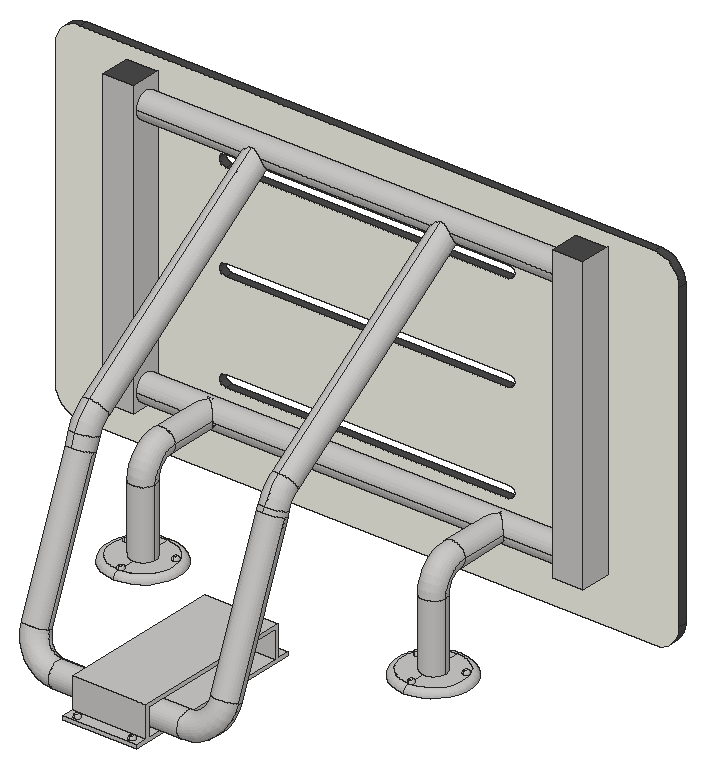
Revit family "Folding_Shower_Dressing_Area_Seat-Bobrick-B-5193", category Specialty Equipment, host Face, Revit 2018
Family settings
  Host = Face
  Round Connector Dimension = Use Diameter
  Part Type = Normal
  OmniClass Number = 23.40.20.21
  OmniClass Title = Toilet and Bath Specialties
  Cut with Voids When Loaded = No
  Shared = Yes
  Room Calculation Point = No
Parameters (values of type "B-5193")
  Width = 25 1/2"
  Warranty Documentation Link = "https://www.bobrick.com/wp-content/uploads/product_warranties-6.pdf"
  URL = "https://www.bobrick.com/"
  Type Comments = "To avoid potential seat malfunction, DO NOT use seat if weight exceeds 500 lbs (227 kg)"
  Support Load = "500 lbs., (227 kg)"  # constant formula
  Spring Material = Metal-Bobrick-Stainless Steel
  Seat Length = 14 7/16"
  Revised Date = "09/09/2021"  # constant formula
  Product Page URL = "https://www.bobrick.com/products/washroom-accessories/washroom-accessories-catalog/product/b-5193/"
  Product Documentation Link = "https://www.bobrick.com/wp-content/uploads/B-5193_td.pdf"
  Price = "Prices may vary. Please consult Manufacturer Representative for most up-to-date price list."  # constant formula
  Mounting Height Constraint = if(Mounting Height < 17", 17", if(Mounting Height > 19", 19", Mounting Height))  # 17"
  Mounting Height = 17"
  Mounting Flanges Material = Stainless Steel-Bobrick-Satin
  Model = "B-5193"
  Seat Material = Fused Plastic-Bobrick-Ivory Matte
  Material = "Fused Plastic-Bobrick-Ivory Matte"
  Manufacturer = "Bobrick"
  Length = 15 13/16"
  Installation Type = "Wall Mounted"
  Height = 13 3/4"
  Guide Bracket Material = Stainless Steel-Bobrick-Satin
  Frame Material = Stainless Steel-Bobrick-Satin
  Description = "Solid Phenolic Folding Shower / Dressing Area Seat"
  Default Elevation = 0"
  Creation Date = "06/09/2015"  # constant formula
  Baseplate Material = Metal-Bobrick-Stainless Steel
  Assembly Code = "E2010"
  ADA Compliant = yes
Reference planes (in)
  plane 1 "Center (Front/Back)": y = 0
  plane 2: z = 0
  plane 3 "Center (Left/Right)": x = 0
  plane 4: z = 15.8125
  plane 5: x = -6.5625
  plane 6: x = 6.5625
  plane 7: x = 5.9375
  plane 8: x = -5.9375
  plane 9: y = -4.375
  plane 10: y = -13.75
  plane 11: y = -6.5
  plane 12: x = 1.125
  plane 13: x = -1.125
  plane 14: z = 1.375
  plane 15: y = -17
  plane 16: x = 9.1875
  plane 17: y = -0.94013
  plane 18: z = 5.375
  plane 19: x = -12.75
  plane 20: x = 12.75
Forms (in)
  Extrusion 1, solid, material "Fused Plastic-Bobrick-Ivory Matte" <- "Seat Material"
    sketch origin (0, 0, 0) x (1, 0, 0) y (0, 0, 1)
      loop
        line (11.75, 15.8125) -> (-11.75, 15.8125)
        arc (-11.75, 15.8125) -> (-12.45711, 15.51961) -> (-12.75, 14.8125) r 1
        line (-12.75, 14.8125) -> (-12.75, 2.375)
        arc (-12.75, 2.375) -> (-12.45711, 1.66789) -> (-11.75, 1.375) r 1
        line (-11.75, 1.375) -> (11.75, 1.375)
        arc (11.75, 1.375) -> (12.45711, 1.66789) -> (12.75, 2.375) r 1
        line (12.75, 2.375) -> (12.75, 14.8125)
        arc (12.75, 14.8125) -> (12.45711, 15.51961) -> (11.75, 15.8125) r 1
      loop
        line (5.79542, 13.20791) -> (-5.79542, 13.20791)
        arc (-5.79542, 13.20791) -> (-6.04542, 12.95791) -> (-5.79542, 12.70791) r 0.25
        line (-5.79542, 12.70791) -> (5.79542, 12.70791)
        arc (5.79542, 12.70791) -> (6.04542, 12.95791) -> (5.79542, 13.20791) r 0.25
      loop
        line (5.79542, 9.20791) -> (-5.79542, 9.20791)
        arc (-5.79542, 9.20791) -> (-6.04542, 8.95791) -> (-5.79542, 8.70791) r 0.25
        line (-5.79542, 8.70791) -> (5.79542, 8.70791)
        arc (5.79542, 8.70791) -> (6.04542, 8.95791) -> (5.79542, 9.20791) r 0.25
      loop
        line (5.79542, 5.14541) -> (-5.79542, 5.14541)
        arc (-5.79542, 5.14541) -> (-6.04542, 4.89541) -> (-5.79542, 4.64541) r 0.25
        line (-5.79542, 4.64541) -> (5.79542, 4.64541)
        arc (5.79542, 4.64541) -> (6.04542, 4.89541) -> (5.79542, 5.14541) r 0.25
    from 0 to 0.3125
  Extrusion 2, solid, material "Stainless Steel-Bobrick-Satin" <- "Frame Material"
    sketch origin (0, 0.1875, 0.75) x (1, 0, 0) y (0, 1, 0)
      loop
        line (-8.5625, -0.5) -> (-9.8125, -0.5) -> (-9.8125, -1.75) -> (-8.5625, -1.75) -> (-8.5625, -0.5)
      loop
        line (8.5625, -0.5) -> (8.5625, -1.75) -> (9.8125, -1.75) -> (9.8125, -0.5) -> (8.5625, -0.5)
    from 2.51548 to 14.51548
  Revolve 3, solid, material "Stainless Steel-Bobrick-Satin" <- "Mounting Flanges Material"
    sketch origin (-5.9375, 0, 0) x (0, 1, 0) y (0, 0, 1)
      loop
        line (-4.375, 0) -> (-2.875, 0)
        arc (-2.875, 0) -> (-2.94822, 0.17678) -> (-3.125, 0.25) r 0.25
        line (-3.125, 0.25) -> (-4.375, 0.25) -> (-4.375, 0)
      axis (-4.375, 0.25) -> (-4.375, 0)
    angle from 0 to 360
  Revolve 4, solid, material "Stainless Steel-Bobrick-Satin" <- "Mounting Flanges Material"
    sketch origin (5.9375, 0, 0) x (0, 1, 0) y (0, 0, -1)
      loop
        line (-4.375, 0) -> (-4.375, -0.25) -> (-3.125, -0.25)
        arc (-3.125, -0.25) -> (-2.94822, -0.17678) -> (-2.875, 0) r 0.25
        line (-2.875, 0) -> (-4.375, 0)
      axis (-4.375, -0.25) -> (-4.375, 0)
    angle from 0 to 360
  Sweep 5, solid, material "Stainless Steel-Bobrick-Satin" <- "Frame Material"
    path origin (5.9375, 0, 0) x (0, 1, 0) y (0, 0, 1)
      loop
        line (-4.375, 0) -> (-4.375, 3)
        arc (-4.375, 3) -> (-4.08211, 3.70711) -> (-3.375, 4) r 1
        line (-3.375, 4) -> (-0.94013, 4)
    profile origin (5.9375, -4.375, 1.5) x (0, -1, 0) y (1, 0, 0)
      loop
        circle (0, 0) r 0.5
  Extrusion 6, solid, material "Stainless Steel-Bobrick-Satin" <- "Frame Material"
    sketch origin (0, 0.3125, 0) x (0, 1, 0) y (0, 0, 1)
      loop
        circle (-1.25263, 3.99038) r 0.5172
    from -8.9545 to 9.47959
  Sweep 7, solid, material "Stainless Steel-Bobrick-Satin" <- "Frame Material"
    path origin (-5.9375, 0, 0) x (0, 1, 0) y (0, 0, -1)
      loop
        line (-4.375, 0) -> (-4.375, -3)
        arc (-4.375, -3) -> (-4.08211, -3.70711) -> (-3.375, -4) r 1
        line (-3.375, -4) -> (-0.94013, -4)
    profile origin (-5.9375, -4.375, 1.5) x (0, 1, 0) y (-1, 0, 0)
      loop
        circle (0, 0) r 0.5
  Sweep 8, solid, material "Stainless Steel-Bobrick-Satin" <- "Frame Material"
    path origin (0, 0.25, 0.125) x (0, 1, 0) y (0, 0, 1)
      loop
        line (-1.19013, 14.16704) -> (-9.64596, 8.46351)
        arc (-9.64596, 8.46351) -> (-9.97289, 8.16393) -> (-10.19794, 7.78186) r 1.5
        line (-10.19794, 7.78186) -> (-10.39032, 7.3057)
    profile origin (0, -10.04413, 7.66878) x (0, 0.927184, -0.374607) y (1, 0, 0)
      loop
        circle (0, -3.875) r 0.5
  Extrusion 9, solid, material "Stainless Steel-Bobrick-Satin" <- "Frame Material"
    sketch origin (0, 0.3125, 18.32783) x (0, 1, 0) y (0, 0, 1)
      loop
        circle (-1.25263, -3.99038) r 0.5172
    from -8.9545 to 9.47959
  Sweep 10, solid, material "Stainless Steel-Bobrick-Satin" <- "Frame Material"
    path origin (0, -6.39004, 16.71298) x (1, 0, 0) y (0, 0.374607, 0.927184)
      loop
        line (-3.875, -9.69876) -> (-3.875, -15.94876)
        arc (-3.875, -15.94876) -> (-3.50888, -16.83264) -> (-2.625, -17.19876) r 1.25
        line (-2.625, -17.19876) -> (2.625, -17.19876)
        arc (2.625, -17.19876) -> (3.50888, -16.83264) -> (3.875, -15.94876) r 1.25
        line (3.875, -15.94876) -> (3.875, -9.69876)
    profile origin (-3.875, -11.19391, 4.823) x (1, 0, 0) y (0, -0.927184, 0.374607)
      loop
        circle (0, 0) r 0.5
  Extrusion 11, solid, material "Stainless Steel-Bobrick-Satin" <- "Guide Bracket Material"
    sketch origin (-1.5, 0.19528, 0) x (0, 1, 0) y (0, 0, 1)
      loop
        line (-6.44528, 0) -> (-6.44528, 0.125) -> (-6.94528, 0.125) -> (-6.94528, 1.375) -> (-13.69528, 1.375) -> (-13.69528, 0.125) -> (-14.19528, 0.125) -> (-14.19528, 0) -> (-6.44528, 0)
      loop
        line (-13.57028, 1.25) -> (-13.57028, 0.125) -> (-7.07028, 0.125) -> (-7.07028, 1.25) -> (-13.57028, 1.25)
    from 0 to 3
  Revolve 12, solid, material "Stainless Steel-Bobrick-Satin" <- "Frame Material"
    sketch origin (-1.125, 0, 0) x (0, 1, 0) y (0, 0, 1)
      loop
        line (-6.5, 0.125) -> (-6.375, 0.125)
        arc (-6.375, 0.125) -> (-6.38969, 0.18379) -> (-6.4303, 0.22876) r 0.125
        line (-6.4303, 0.22876) -> (-6.46682, 0.17439) -> (-6.5, 0.17439) -> (-6.5, 0.125)
      axis (-6.5, 0.22876) -> (-6.5, 0.125)
    angle from 0 to 360
  Revolve 13, solid, material "Stainless Steel-Bobrick-Satin" <- "Frame Material"
    sketch origin (1.125, 0, 0) x (0, 1, 0) y (0, 0, -1)
      loop
        line (-6.5, -0.125) -> (-6.5, -0.17439) -> (-6.46682, -0.17439) -> (-6.4303, -0.22876)
        arc (-6.4303, -0.22876) -> (-6.38969, -0.18379) -> (-6.375, -0.125) r 0.125
        line (-6.375, -0.125) -> (-6.5, -0.125)
      axis (-6.5, -0.22876) -> (-6.5, -0.125)
    angle from 0 to 360
  Revolve 14, solid, material "Stainless Steel-Bobrick-Satin" <- "Frame Material"
    sketch origin (-1.125, -20.25, 0) x (0, -1, 0) y (0, 0, -1)
      loop
        line (-6.5, -0.125) -> (-6.5, -0.17439) -> (-6.46682, -0.17439) -> (-6.4303, -0.22876)
        arc (-6.4303, -0.22876) -> (-6.38969, -0.18379) -> (-6.375, -0.125) r 0.125
        line (-6.375, -0.125) -> (-6.5, -0.125)
      axis (-6.5, -0.22876) -> (-6.5, -0.125)
    angle from 0 to 360
  Revolve 15, solid, material "Stainless Steel-Bobrick-Satin" <- "Frame Material"
    sketch origin (1.125, -20.25, 0) x (0, -1, 0) y (0, 0, 1)
      loop
        line (-6.5, 0.125) -> (-6.375, 0.125)
        arc (-6.375, 0.125) -> (-6.38969, 0.18379) -> (-6.4303, 0.22876) r 0.125
        line (-6.4303, 0.22876) -> (-6.46682, 0.17439) -> (-6.5, 0.17439) -> (-6.5, 0.125)
      axis (-6.5, 0.22876) -> (-6.5, 0.125)
    angle from 0 to 360
  Revolve 16, solid, material "Stainless Steel-Bobrick-Satin" <- "Frame Material"
    sketch origin (-5.9375, 1, 0.125) x (0, 1, 0) y (0, 0, 1)
      loop
        line (-6.5, 0.125) -> (-6.375, 0.125)
        arc (-6.375, 0.125) -> (-6.38969, 0.18379) -> (-6.4303, 0.22876) r 0.125
        line (-6.4303, 0.22876) -> (-6.46682, 0.17439) -> (-6.5, 0.17439) -> (-6.5, 0.125)
      axis (-6.5, 0.22876) -> (-6.5, 0.125)
    angle from 0 to 360
  Revolve 17, solid, material "Stainless Steel-Bobrick-Satin" <- "Frame Material"
    sketch origin (-6.93557, 2.55928, 0.125) x (0, 1, 0) y (0, 0, 1)
      loop
        line (-6.5, 0.125) -> (-6.375, 0.125)
        arc (-6.375, 0.125) -> (-6.38969, 0.18379) -> (-6.4303, 0.22876) r 0.125
        line (-6.4303, 0.22876) -> (-6.46682, 0.17439) -> (-6.5, 0.17439) -> (-6.5, 0.125)
      axis (-6.5, 0.22876) -> (-6.5, 0.125)
    angle from 0 to 360
  Revolve 18, solid, material "Stainless Steel-Bobrick-Satin" <- "Frame Material"
    sketch origin (-4.93943, 2.55928, 0.125) x (0, 1, 0) y (0, 0, -1)
      loop
        line (-6.5, -0.125) -> (-6.5, -0.17439) -> (-6.46682, -0.17439) -> (-6.4303, -0.22876)
        arc (-6.4303, -0.22876) -> (-6.38969, -0.18379) -> (-6.375, -0.125) r 0.125
        line (-6.375, -0.125) -> (-6.5, -0.125)
      axis (-6.5, -0.22876) -> (-6.5, -0.125)
    angle from 0 to 360
  Revolve 19, solid, material "Stainless Steel-Bobrick-Satin" <- "Frame Material"
    sketch origin (5.9375, 1, 0.125) x (0, 1, 0) y (0, 0, -1)
      loop
        line (-6.5, -0.125) -> (-6.5, -0.17439) -> (-6.46682, -0.17439) -> (-6.4303, -0.22876)
        arc (-6.4303, -0.22876) -> (-6.38969, -0.18379) -> (-6.375, -0.125) r 0.125
        line (-6.375, -0.125) -> (-6.5, -0.125)
      axis (-6.5, -0.22876) -> (-6.5, -0.125)
    angle from 0 to 360
  Revolve 20, solid, material "Stainless Steel-Bobrick-Satin" <- "Frame Material"
    sketch origin (6.93557, 2.55928, 0.125) x (0, 1, 0) y (0, 0, -1)
      loop
        line (-6.5, -0.125) -> (-6.5, -0.17439) -> (-6.46682, -0.17439) -> (-6.4303, -0.22876)
        arc (-6.4303, -0.22876) -> (-6.38969, -0.18379) -> (-6.375, -0.125) r 0.125
        line (-6.375, -0.125) -> (-6.5, -0.125)
      axis (-6.5, -0.22876) -> (-6.5, -0.125)
    angle from 0 to 360
  Revolve 21, solid, material "Stainless Steel-Bobrick-Satin" <- "Frame Material"
    sketch origin (4.93943, 2.55928, 0.125) x (0, 1, 0) y (0, 0, 1)
      loop
        line (-6.5, 0.125) -> (-6.375, 0.125)
        arc (-6.375, 0.125) -> (-6.38969, 0.18379) -> (-6.4303, 0.22876) r 0.125
        line (-6.4303, 0.22876) -> (-6.46682, 0.17439) -> (-6.5, 0.17439) -> (-6.5, 0.125)
      axis (-6.5, 0.22876) -> (-6.5, 0.125)
    angle from 0 to 360
  Revolve 22, solid, material "Fused Plastic-Bobrick-Ivory Matte" <- "Seat Material"
    sketch origin (0, 0, 5.375) x (1, 0, 0) y (0, 1, 0)
      loop
        line (9.1875, 0) -> (9.1875, 0.03481) -> (9.11975, 0.03481) -> (9.04701, 0.09164)
        arc (9.04701, 0.09164) -> (8.98695, 0.05216) -> (8.9375, 0) r 0.3125
        line (8.9375, 0) -> (9.1875, 0)
      axis (9.1875, 0.09164) -> (9.1875, 0)
    angle from 0 to 360
  Revolve 23, solid, material "Fused Plastic-Bobrick-Ivory Matte" <- "Seat Material"
    sketch origin (0, 0, 13.15595) x (0, -1, 0) y (1, 0, 0)
      loop
        line (0, 9.1875) -> (-0.03481, 9.1875) -> (-0.03481, 9.11975) -> (-0.09164, 9.04701)
        arc (-0.09164, 9.04701) -> (-0.05216, 8.98695) -> (0, 8.9375) r 0.3125
        line (0, 8.9375) -> (0, 9.1875)
      axis (-0.09164, 9.1875) -> (0, 9.1875)
    angle from 0 to 360
  Revolve 24, solid, material "Fused Plastic-Bobrick-Ivory Matte" <- "Seat Material"
    sketch origin (0, 0, 5.375) x (-1, 0, 0) y (0, -1, 0)
      loop
        line (9.1875, 0) -> (8.9375, 0)
        arc (8.9375, 0) -> (8.98695, -0.05216) -> (9.04701, -0.09164) r 0.3125
        line (9.04701, -0.09164) -> (9.11975, -0.03481) -> (9.1875, -0.03481) -> (9.1875, 0)
      axis (9.1875, -0.09164) -> (9.1875, 0)
    angle from 0 to 360
  Revolve 25, solid, material "Fused Plastic-Bobrick-Ivory Matte" <- "Seat Material"
    sketch origin (0, 0, 13.15595) x (0, 1, 0) y (-1, 0, 0)
      loop
        line (0, 9.1875) -> (0, 8.9375)
        arc (0, 8.9375) -> (0.05216, 8.98695) -> (0.09164, 9.04701) r 0.3125
        line (0.09164, 9.04701) -> (0.03481, 9.11975) -> (0.03481, 9.1875) -> (0, 9.1875)
      axis (0.09164, 9.1875) -> (0, 9.1875)
    angle from 0 to 360
  Sweep 26, solid, material "Stainless Steel-Bobrick-Satin" <- "Frame Material"
    path origin (0, 0.25, 0.125) x (0, 1, 0) y (0, 0, -1)
      loop
        line (-1.19013, -14.16704) -> (-9.64596, -8.46351)
        arc (-9.64596, -8.46351) -> (-9.97289, -8.16393) -> (-10.19794, -7.78186) r 1.5
        line (-10.19794, -7.78186) -> (-10.39032, -7.3057)
    profile origin (0, -10.04413, 7.66878) x (0, -0.927184, 0.374607) y (-1, 0, 0)
      loop
        circle (0, -3.875) r 0.5
Cuts and joins
  joined: Extrusion 2, Extrusion 6, Sweep 8, Extrusion 9, Sweep 10, Revolve 12, Revolve 13, Revolve 14, Revolve 15, Revolve 16, Revolve 17, Revolve 18, Revolve 19, Revolve 20, Revolve 21, Sweep 26
  joined: Extrusion 1, Revolve 22, Revolve 23, Revolve 24, Revolve 25
Lines and regions (in)
  Masking region 1
    outline origin (0, 0, 0) x (1, 0, 0) y (0, 0, 1)
      loop
        line (11.75, 15.8125) -> (-11.75, 15.8125)
        arc (-11.75, 15.8125) -> (-12.45711, 15.51961) -> (-12.75, 14.8125) r 1
        line (-12.75, 14.8125) -> (-12.75, 2.375)
        arc (-12.75, 2.375) -> (-12.45711, 1.66789) -> (-11.75, 1.375) r 1
        line (-11.75, 1.375) -> (-6.4375, 1.375) -> (-6.4375, 0.25) -> (-6.81057, 0.25)
        arc (-6.81057, 0.25) -> (-6.82616, 0.30831) -> (-6.86587, 0.35376) r 0.13326
        line (-6.86587, 0.35376) -> (-7.00528, 0.35376)
        arc (-7.00528, 0.35376) -> (-7.04466, 0.30813) -> (-7.06057, 0.25) r 0.13662
        line (-7.06057, 0.25) -> (-7.18739, 0.25)
        arc (-7.18739, 0.25) -> (-7.36417, 0.17678) -> (-7.43739, 0) r 0.25
        line (-7.43739, 0) -> (-4.43761, 0)
        arc (-4.43761, 0) -> (-4.51083, 0.17678) -> (-4.68761, 0.25) r 0.25
        line (-4.68761, 0.25) -> (-4.81443, 0.25)
        arc (-4.81443, 0.25) -> (-4.83034, 0.30813) -> (-4.86972, 0.35376) r 0.13662
        line (-4.86972, 0.35376) -> (-5.00913, 0.35376)
        arc (-5.00913, 0.35376) -> (-5.04884, 0.30831) -> (-5.06443, 0.25) r 0.13326
        line (-5.06443, 0.25) -> (-5.4375, 0.25) -> (-5.4375, 1.375) -> (-4.24295, 1.375)
        arc (-4.24295, 1.375) -> (-3.6674, 0.65531) -> (-2.80508, 0.33032) r 1.74062
        line (-2.80508, 0.33032) -> (-1.5, 0.33032) -> (-1.5, 0) -> (1.5, 0) -> (1.5, 0.33032) -> (2.80508, 0.33032)
        arc (2.80508, 0.33032) -> (3.6674, 0.65531) -> (4.24295, 1.375) r 1.74062
        line (4.24295, 1.375) -> (5.4375, 1.375) -> (5.4375, 0.25) -> (5.06443, 0.25)
        arc (5.06443, 0.25) -> (5.04884, 0.30831) -> (5.00913, 0.35376) r 0.13326
        line (5.00913, 0.35376) -> (4.86972, 0.35376)
        arc (4.86972, 0.35376) -> (4.83034, 0.30813) -> (4.81443, 0.25) r 0.13662
        line (4.81443, 0.25) -> (4.68761, 0.25)
        arc (4.68761, 0.25) -> (4.51083, 0.17678) -> (4.43761, 0) r 0.25
        line (4.43761, 0) -> (7.43739, 0)
        arc (7.43739, 0) -> (7.36417, 0.17678) -> (7.18739, 0.25) r 0.25
        line (7.18739, 0.25) -> (7.06057, 0.25)
        arc (7.06057, 0.25) -> (7.04466, 0.30813) -> (7.00528, 0.35376) r 0.13662
        line (7.00528, 0.35376) -> (6.86587, 0.35376)
        arc (6.86587, 0.35376) -> (6.82616, 0.30831) -> (6.81057, 0.25) r 0.13326
        line (6.81057, 0.25) -> (6.4375, 0.25) -> (6.4375, 1.375) -> (11.75, 1.375)
        arc (11.75, 1.375) -> (12.45711, 1.66789) -> (12.75, 2.375) r 1
        line (12.75, 2.375) -> (12.75, 14.8125)
        arc (12.75, 14.8125) -> (12.45711, 15.51961) -> (11.75, 15.8125) r 1
  symbolic lines, detail levels medium+fine
    curve 1: line (7.06057, 0, 0.25) -> (6.81057, 0, 0.25)
    curve 2: line (6.4375, 0, 0.25) -> (5.4375, 0, 0.25)
    curve 3: line (-4.96357, 0, 1.375) -> (4.33857, 0, 1.375)
    curve 4: line (1.5, 0, 1.375) -> (1.5, 0, 0.03933)
    curve 5: line (1.5, 0, 0.125) -> (-1.5, 0, 0.125)
    curve 9: line (-1.5, 0, 1.375) -> (-1.5, 0, 0.03933)
    curve 13: line (-5.79535, 0, 5.14541) -> (5.79542, 0, 5.14541)
    curve 14: line (5.79542, 0, 4.64541) -> (-5.79542, 0, 4.64541)
    curve 15: line (-5.79542, 0, 9.20791) -> (5.79542, 0, 9.20791)
    curve 16: line (5.79542, 0, 8.70791) -> (-5.79536, 0, 8.70791)
    curve 17: line (-5.79536, 0, 13.20791) -> (5.79542, 0, 13.20791)
    curve 18: line (5.79534, 0, 12.70791) -> (-5.79536, 0, 12.70791)
    curve 35: line (4.81443, 0, 0.25) -> (5.06443, 0, 0.25)
    curve 36: line (-7.06057, 0, 0.25) -> (-6.81057, 0, 0.25)
    curve 37: line (-6.4375, 0, 0.25) -> (-5.4375, 0, 0.25)
    curve 38: line (-4.81443, 0, 0.25) -> (-5.06443, 0, 0.25)
    curve 43: line (6.4375, 0, 1.375) -> (5.4375, 0, 1.375)
    curve 44: line (-5.4375, 0, 1.375) -> (-6.4375, 0, 1.375)
    curve 45: arc (-5.79542, -0.3125, 12.70791) -> (-6.04542, -0.3125, 12.95791) -> (-5.79542, -0.3125, 13.20791) r 0.25
    curve 46: arc (-5.79542, -0.3125, 8.70791) -> (-6.04542, -0.3125, 8.95791) -> (-5.79542, -0.3125, 9.20791) r 0.25
    curve 47: arc (-5.79542, -0.3125, 4.64541) -> (-6.04542, -0.3125, 4.89541) -> (-5.79542, -0.3125, 5.14541) r 0.25
    curve 48: arc (5.79542, -0.3125, 12.70791) -> (6.04542, -0.3125, 12.95791) -> (5.79542, -0.3125, 13.20791) r 0.25
    curve 49: arc (5.79542, -0.3125, 8.70791) -> (6.04542, -0.3125, 8.95791) -> (5.79542, -0.3125, 9.20791) r 0.25
    curve 50: arc (5.79542, -0.3125, 4.64541) -> (6.04542, -0.3125, 4.89541) -> (5.79542, -0.3125, 5.14541) r 0.25
    curve 51: line (2.63719, 0, 1.32755) -> (1.5, 0, 1.32755)
    curve 52: arc (-2.66916, 0, 1.32755) -> (-2.7867, 0, 1.33954) -> (-2.8994, 0, 1.375) r 0.58231
    curve 53: arc (2.66916, 0, 1.32755) -> (2.7867, 0, 1.33954) -> (2.8994, 0, 1.375) r 0.58231
    curve 54: line (-1.5, 0, 1.32755) -> (-2.66916, 0, 1.32755)
  symbolic lines, detail levels fine
    curve 6: line (1.0553, 0, 0.22876) -> (1.1947, 0, 0.22876)
    curve 7: arc (1.1947, 0, 0.22876) -> (1.23622, 0, 0.18356) -> (1.25461, 0, 0.125) r 0.14106
    curve 8: arc (1.0553, 0, 0.22876) -> (1.01378, 0, 0.18356) -> (0.99539, 0, 0.125) r 0.14106
    curve 10: line (-1.0553, 0, 0.22876) -> (-1.1947, 0, 0.22876)
    curve 11: arc (-1.1947, 0, 0.22876) -> (-1.23622, 0, 0.18356) -> (-1.25461, 0, 0.125) r 0.14106
    curve 12: arc (-1.0553, 0, 0.22876) -> (-1.01378, 0, 0.18356) -> (-0.99539, 0, 0.125) r 0.14106
    curve 19: line (4.37667, 0, 13.20791) -> (4.37667, 0, 12.70791)
    curve 20: line (3.37667, 0, 12.70791) -> (3.37667, 0, 13.20791)
    curve 21: line (4.37667, 0, 9.20791) -> (4.37667, 0, 8.70791)
    curve 22: line (3.37667, 0, 8.70791) -> (3.37667, 0, 9.20791)
    curve 23: line (4.37667, 0, 5.14541) -> (4.37667, 0, 4.64541)
    curve 24: line (3.37667, 0, 4.64541) -> (3.37667, 0, 5.14541)
    curve 25: line (-4.37667, 0, 13.20791) -> (-4.37667, 0, 12.70791)
    curve 26: line (-3.37667, 0, 12.70791) -> (-3.37667, 0, 13.20791)
    curve 27: line (-4.37667, 0, 9.20791) -> (-4.37667, 0, 8.70791)
    curve 28: line (-3.37667, 0, 8.70791) -> (-3.37667, 0, 9.20791)
    curve 29: line (-4.37667, 0, 5.14541) -> (-4.37667, 0, 4.64541)
    curve 30: line (-3.37667, 0, 4.64541) -> (-3.37667, 0, 5.14541)
    curve 31: circle (9.1875, 0, 13.15595) r 0.25 normal (0, -1, 0)
    curve 32: circle (9.1875, 0, 13.15595) r 0.14049 normal (0, 1, 0)
    curve 33: circle (9.1875, 0, 5.375) r 0.25 normal (0, -1, 0)
    curve 34: circle (9.1875, 0, 5.375) r 0.14049 normal (0, 1, 0)
    curve 39: circle (-9.1875, 0, 13.15595) r 0.25 normal (0, 1, 0)
    curve 40: circle (-9.1875, 0, 13.15595) r 0.14049 normal (0, -1, 0)
    curve 41: circle (-9.1875, 0, 5.375) r 0.25 normal (0, 1, 0)
    curve 42: circle (-9.1875, 0, 5.375) r 0.14049 normal (0, -1, 0)
Dimensions and locks (in)
  plane 1 "Center (Front/Back)" to plane 9 = 4 3/8"
  plane 9 to plane 10 = 9 3/8"
  plane 11 to plane 10 = 7 1/4"  (x2)
  "Mounting Height Constraint": plane 15 to plane 1 "Center (Front/Back)"
  "Length": host face to plane 4
  "Height": plane 1 "Center (Front/Back)" to plane 10
  plane 1 "Center (Front/Back)" to plane 15 = 17"
  "Height": plane 10 to plane 1 "Center (Front/Back)"
  plane 8 to plane 7 = 11 7/8"
  equal spacing: plane 8, plane 3 "Center (Left/Right)", plane 7
  plane 13 to plane 12 = 2 1/4"
  plane 13 to plane 3 "Center (Left/Right)" to plane 12 = 1 1/8", 1 1/8"
  "Seat Length": plane 14 to plane 4
  host face to plane 14 = 1 3/8"
  plane 9 to plane 1 "Center (Front/Back)" = 4 3/8"
  plane 10 to plane 9 = 9 3/8"
  equal spacing: plane 20, plane 3 "Center (Left/Right)", plane 19
  "Width": plane 20 to plane 19
  plane 19 to plane 8 = 6 13/16"
  plane 7 to plane 20 = 6 13/16"
  aligned and locked: plane 2 to host face
  aligned and locked: level to host face
  aligned and locked: curve 45 to cut or joined group of Extrusion 1, Revolve 22, Revolve 23, Revolve 24, Revolve 25
  aligned and locked: curve 46 to cut or joined group of Extrusion 1, Revolve 22, Revolve 23, Revolve 24, Revolve 25
  aligned and locked: curve 47 to cut or joined group of Extrusion 1, Revolve 22, Revolve 23, Revolve 24, Revolve 25
  aligned and locked: Extrusion 1 sketch curve to plane 20
  aligned and locked: plane 19 to Extrusion 1 sketch curve
  aligned and locked: Masking region 1 sketch curve to plane 20
  aligned and locked: Masking region 1 sketch curve to plane 19
Automatic sketch dimensions
  host sketch curve to host sketch curve = 96"  (x2)
  Extrusion 1 sketch curve to plane 4 = 0"
  Extrusion 1 sketch curve to plane 14 = 0"
  plane 8 to Extrusion 1 sketch curve = 0.14208"  (x3)
  Extrusion 1 sketch curve to plane 7 = 0.14208"  (x3)
  Extrusion 1 sketch curve to plane 16 = 2 9/16"
  Extrusion 1 sketch curve to plane 18 = 0.72959"
  Extrusion 1 sketch curve to Extrusion 1 sketch curve = 1/4"  (x3)
  plane 18 to Extrusion 1 sketch curve = 3.33291"
  Extrusion 1 sketch curve to plane 4 = 3.10459"
  plane 1 "Center (Front/Back)" to Extrusion 2 sketch curve = 5/16"  (x2)
  Extrusion 2 sketch curve to plane 17 = 0.62237"  (x2)
  Extrusion 2 sketch curve to Extrusion 2 sketch curve = 1 1/4"
  plane 16 to Extrusion 2 sketch curve = 5/8"
  Extrusion 2 sketch curve to plane 16 = 5/8"
  Revolve 3 sketch curve to level = 0"
  Revolve 3 sketch curve to plane 9 = 0"  (x2)
  level to Revolve 3 sketch curve = 1/4"
  Revolve 3 sketch curve to Revolve 3 sketch curve = 1 1/4"
  Revolve 3 sketch curve to plane 14 = 0.26384"
  plane 14 to Revolve 3 sketch curve = 0.17993"
  Revolve 4 sketch curve to level = 0"
  Revolve 4 sketch curve to plane 9 = 0"  (x2)
  level to Revolve 4 sketch curve = 1/4"
  Revolve 4 sketch curve to Revolve 4 sketch curve = 1 1/4"
  Revolve 4 sketch curve to plane 14 = 0.26384"
  plane 14 to Revolve 4 sketch curve = 0.17993"
  Sweep 5 sketch curve to plane 9 = 0"
  Sweep 5 sketch curve to plane 17 = 0"
  Sweep 5 sketch curve to level = 0"
  Sweep 5 sketch curve to plane 9 = 1"
  plane 14 to Sweep 5 sketch curve = 1 5/8"
  Sweep 5 sketch curve to profile plane = 0"  (x2)
  Extrusion 6 sketch curve to plane 17 = 0"
  Extrusion 6 sketch curve to plane 18 = 1.38462"
  Sweep 7 sketch curve to plane 9 = 0"
  Sweep 7 sketch curve to plane 17 = 0"
  Sweep 7 sketch curve to level = 0"
  Sweep 7 sketch curve to plane 9 = 1"
  plane 14 to Sweep 7 sketch curve = 1 5/8"
  profile plane to Sweep 7 sketch curve = 0"
  Sweep 7 sketch curve to profile plane = 0"
  Sweep 8 sketch curve to plane 17 = 0"
  Sweep 8 sketch curve to plane 11 = 2.05717"
  Sweep 8 sketch curve to Sweep 8 sketch curve = 0.83879"
  Sweep 8 sketch curve to Sweep 8 sketch curve = 0.55199"
  plane 18 to Sweep 8 sketch curve = 1.96995"
  Sweep 8 sketch curve to Sweep 8 sketch curve = 0.56191"
  Sweep 8 sketch curve to Sweep 8 sketch curve = 0.19238"
  Sweep 8 sketch curve to Sweep 8 sketch curve = 0.47616"
  Sweep 8 sketch curve to plane 4 = 1.52046"
  Sweep 8 sketch curve to profile plane = 0"
  Sweep 8 sketch curve to plane 3 "Center (Left/Right)" = 3 7/8"
  Extrusion 9 sketch curve to plane 17 = 0"
  plane 4 to Extrusion 9 sketch curve = 1.47506"
  Sweep 10 sketch curve to profile plane = 0"  (x2)
  Revolve 12 sketch curve to plane 11 = 0"  (x3)
  Revolve 12 sketch curve to Revolve 12 sketch curve = 0.03318"
  Revolve 12 sketch curve to Revolve 12 sketch curve = 0.03653"
  Revolve 12 sketch curve to Revolve 12 sketch curve = 0.09182"
  level to Revolve 12 sketch curve = 1/8"
  Revolve 12 sketch curve to Revolve 12 sketch curve = 0.04939"
  Revolve 12 sketch curve to Revolve 12 sketch curve = 0.20059"
  Revolve 12 sketch curve to Revolve 12 sketch curve = 0.16047"
  Revolve 13 sketch curve to plane 11 = 0"  (x3)
  Revolve 13 sketch curve to Revolve 13 sketch curve = 0.03318"
  Revolve 13 sketch curve to Revolve 13 sketch curve = 0.03653"
  Revolve 13 sketch curve to Revolve 13 sketch curve = 0.09182"
  level to Revolve 13 sketch curve = 0.22876"
  Revolve 13 sketch curve to Revolve 13 sketch curve = 0.04939"
  Revolve 13 sketch curve to Revolve 13 sketch curve = 0.20059"
  Revolve 13 sketch curve to Revolve 13 sketch curve = 0.16047"
  Revolve 14 sketch curve to plane 10 = 0"  (x3)
  Revolve 14 sketch curve to Revolve 14 sketch curve = 0.03318"
  Revolve 14 sketch curve to Revolve 14 sketch curve = 0.03653"
  Revolve 14 sketch curve to Revolve 14 sketch curve = 0.09182"
  level to Revolve 14 sketch curve = 0.22876"
  Revolve 14 sketch curve to Revolve 14 sketch curve = 0.04939"
  Revolve 14 sketch curve to Revolve 14 sketch curve = 0.20059"
  Revolve 14 sketch curve to Revolve 14 sketch curve = 0.16047"
  Revolve 15 sketch curve to plane 10 = 0"  (x3)
  Revolve 15 sketch curve to Revolve 15 sketch curve = 0.03318"
  Revolve 15 sketch curve to Revolve 15 sketch curve = 0.03653"
  Revolve 15 sketch curve to Revolve 15 sketch curve = 0.09182"
  level to Revolve 15 sketch curve = 1/8"
  Revolve 15 sketch curve to Revolve 15 sketch curve = 0.04939"
  Revolve 15 sketch curve to Revolve 15 sketch curve = 0.20059"
  Revolve 15 sketch curve to Revolve 15 sketch curve = 0.16047"
  level to Revolve 16 sketch curve = 1/4"
  plane 11 to Revolve 16 sketch curve = 1"
  Revolve 16 sketch curve to Revolve 16 sketch curve = 0"
  Revolve 16 sketch curve to Revolve 16 sketch curve = 0.03318"
  level to Revolve 16 sketch curve = 0.35376"
  Revolve 16 sketch curve to Revolve 16 sketch curve = 0.03653"
  Revolve 16 sketch curve to Revolve 16 sketch curve = 0.04939"
  Revolve 16 sketch curve to Revolve 16 sketch curve = 0.0697"
  Revolve 16 sketch curve to Revolve 16 sketch curve = 0.20059"
  Revolve 16 sketch curve to Revolve 16 sketch curve = 0.16047"
  level to Revolve 17 sketch curve = 1/4"
  Revolve 17 sketch curve to plane 9 = 0.43428"
  Revolve 17 sketch curve to Revolve 17 sketch curve = 0"
  Revolve 17 sketch curve to Revolve 17 sketch curve = 0.03318"
  Revolve 17 sketch curve to Revolve 17 sketch curve = 0.03653"
  Revolve 17 sketch curve to Revolve 17 sketch curve = 0.09182"
  Revolve 17 sketch curve to Revolve 17 sketch curve = 0.04939"
  Revolve 17 sketch curve to Revolve 17 sketch curve = 0.0697"
  Revolve 17 sketch curve to Revolve 17 sketch curve = 0.20059"
  Revolve 17 sketch curve to Revolve 17 sketch curve = 0.16047"
  level to Revolve 18 sketch curve = 1/4"
  Revolve 18 sketch curve to plane 9 = 0.43428"
  Revolve 18 sketch curve to Revolve 18 sketch curve = 0"
  Revolve 18 sketch curve to Revolve 18 sketch curve = 0.03318"
  Revolve 18 sketch curve to Revolve 18 sketch curve = 0.03653"
  Revolve 18 sketch curve to Revolve 18 sketch curve = 0.09182"
  Revolve 18 sketch curve to Revolve 18 sketch curve = 0.04939"
  Revolve 18 sketch curve to Revolve 18 sketch curve = 0.0697"
  Revolve 18 sketch curve to Revolve 18 sketch curve = 0.20059"
  Revolve 18 sketch curve to Revolve 18 sketch curve = 0.16047"
  level to Revolve 19 sketch curve = 1/4"
  plane 11 to Revolve 19 sketch curve = 1"
  Revolve 19 sketch curve to Revolve 19 sketch curve = 0"
  Revolve 19 sketch curve to Revolve 19 sketch curve = 0.03318"
  level to Revolve 19 sketch curve = 0.35376"
  Revolve 19 sketch curve to Revolve 19 sketch curve = 0.03653"
  Revolve 19 sketch curve to Revolve 19 sketch curve = 0.04939"
  Revolve 19 sketch curve to Revolve 19 sketch curve = 0.0697"
  Revolve 19 sketch curve to Revolve 19 sketch curve = 0.20059"
  Revolve 19 sketch curve to Revolve 19 sketch curve = 0.16047"
  level to Revolve 20 sketch curve = 1/4"
  Revolve 20 sketch curve to plane 9 = 0.43428"
  Revolve 20 sketch curve to Revolve 20 sketch curve = 0"
  Revolve 20 sketch curve to Revolve 20 sketch curve = 0.03318"
  Revolve 20 sketch curve to Revolve 20 sketch curve = 0.03653"
  Revolve 20 sketch curve to Revolve 20 sketch curve = 0.09182"
  Revolve 20 sketch curve to Revolve 20 sketch curve = 0.04939"
  Revolve 20 sketch curve to Revolve 20 sketch curve = 0.0697"
  Revolve 20 sketch curve to Revolve 20 sketch curve = 0.20059"
  Revolve 20 sketch curve to Revolve 20 sketch curve = 0.16047"
  level to Revolve 21 sketch curve = 1/4"
  Revolve 21 sketch curve to plane 9 = 0.43428"
  Revolve 21 sketch curve to Revolve 21 sketch curve = 0"
  Revolve 21 sketch curve to Revolve 21 sketch curve = 0.03318"
  Revolve 21 sketch curve to Revolve 21 sketch curve = 0.03653"
  Revolve 21 sketch curve to Revolve 21 sketch curve = 0.09182"
  Revolve 21 sketch curve to Revolve 21 sketch curve = 0.04939"
  Revolve 21 sketch curve to Revolve 21 sketch curve = 0.0697"
  Revolve 21 sketch curve to Revolve 21 sketch curve = 0.20059"
  Revolve 21 sketch curve to Revolve 21 sketch curve = 0.16047"
  plane 1 "Center (Front/Back)" to Revolve 22 sketch curve = 0"
  Revolve 22 sketch curve to plane 16 = 0"  (x3)
  Revolve 22 sketch curve to Revolve 22 sketch curve = 0.06775"
  Revolve 22 sketch curve to Revolve 22 sketch curve = 0.07274"
  Revolve 22 sketch curve to Revolve 22 sketch curve = 0.10951"
  Revolve 22 sketch curve to Revolve 22 sketch curve = 3/16"
  Revolve 22 sketch curve to plane 1 "Center (Front/Back)" = 0.03481"
  Revolve 22 sketch curve to Revolve 22 sketch curve = 0.07387"
  Revolve 22 sketch curve to Revolve 22 sketch curve = 0.04349"
  Revolve 23 sketch curve to plane 16 = 0"  (x3)
  plane 1 "Center (Front/Back)" to Revolve 23 sketch curve = 0"
  Revolve 23 sketch curve to plane 1 "Center (Front/Back)" = 0.03481"
  Revolve 23 sketch curve to plane 1 "Center (Front/Back)" = 0.09164"
  Revolve 23 sketch curve to Revolve 23 sketch curve = 3/16"
  Revolve 23 sketch curve to Revolve 23 sketch curve = 0.06775"
  Revolve 23 sketch curve to Revolve 23 sketch curve = 0.07274"
  Revolve 23 sketch curve to Revolve 23 sketch curve = 0.07387"
  Revolve 23 sketch curve to Revolve 23 sketch curve = 0.04349"
  plane 1 "Center (Front/Back)" to Revolve 24 sketch curve = 0"
  Revolve 24 sketch curve to plane 1 "Center (Front/Back)" = 0.09164"
  Revolve 24 sketch curve to Revolve 24 sketch curve = 0.10951"
  Revolve 24 sketch curve to plane 1 "Center (Front/Back)" = 0.03481"
  Revolve 24 sketch curve to Revolve 24 sketch curve = 0.07274"
  Revolve 24 sketch curve to Revolve 24 sketch curve = 0.06775"
  plane 1 "Center (Front/Back)" to Revolve 24 sketch curve = 3/16"
  Revolve 24 sketch curve to Revolve 24 sketch curve = 0"
  Revolve 24 sketch curve to Revolve 24 sketch curve = 0.07387"
  Revolve 24 sketch curve to Revolve 24 sketch curve = 0.04349"
  plane 1 "Center (Front/Back)" to Revolve 25 sketch curve = 0"
  Revolve 25 sketch curve to Revolve 25 sketch curve = 3/16"
  Revolve 25 sketch curve to plane 1 "Center (Front/Back)" = 0.03481"
  Revolve 25 sketch curve to plane 1 "Center (Front/Back)" = 0.09164"
  Revolve 25 sketch curve to Revolve 25 sketch curve = 0.10951"
  Revolve 25 sketch curve to Revolve 25 sketch curve = 0.07274"
  Revolve 25 sketch curve to Revolve 25 sketch curve = 0.06775"
  Revolve 25 sketch curve to Revolve 25 sketch curve = 0.07387"
  Revolve 25 sketch curve to Revolve 25 sketch curve = 0.04349"
  Revolve 25 sketch curve to Revolve 25 sketch curve = 0"
  Sweep 26 sketch curve to plane 17 = 0"
  Sweep 26 sketch curve to plane 11 = 2.05717"
  Sweep 26 sketch curve to Sweep 26 sketch curve = 0.83879"
  Sweep 26 sketch curve to Sweep 26 sketch curve = 0.55199"
  plane 18 to Sweep 26 sketch curve = 3.21351"
  Sweep 26 sketch curve to Sweep 26 sketch curve = 0.68165"
  Sweep 26 sketch curve to Sweep 26 sketch curve = 0.19238"
  Sweep 26 sketch curve to plane 4 = 1.52046"
  Sweep 26 sketch curve to Sweep 26 sketch curve = 0.47616"
  profile plane to Sweep 26 sketch curve = 0"
  Sweep 26 sketch curve to profile plane = 3 7/8"
  plane 8 to Sweep 10 sketch curve = 2 1/16"
  plane 13 to Sweep 10 sketch curve = 1 1/2"
  plane 12 to Sweep 10 sketch curve = 1 1/2"
  Sweep 10 sketch curve to Sweep 10 sketch curve = 1 1/4"
  Sweep 10 sketch curve to Sweep 10 sketch curve = 6 1/4"  (x2)
  curve 48 to Extrusion 1 = 0"  (x2)
  curve 45 to curve 45 = 0"  (x2)
  curve 46 to curve 46 = 0"
  curve 47 to curve 47 = 0"
  curve 48 to curve 49 = 0"
  curve 48 to curve 48 = 1/4"
  Masking region 1 sketch curve to plane 14 = 0"  (x4)
  Masking region 1 sketch curve to plane 4 = 0"
  Masking region 1 sketch curve to level = 0"  (x3)
  Masking region 1 sketch curve to plane 8 = 1.24989"
  Masking region 1 sketch curve to Masking region 1 sketch curve = 0.12682"  (x4)
  Masking region 1 sketch curve to Masking region 1 sketch curve = 0.0553"  (x5)
  Masking region 1 sketch curve to Masking region 1 sketch curve = 0.11682"  (x4)
  Masking region 1 sketch curve to Masking region 1 sketch curve = 0.01966"  (x4)
  Masking region 1 sketch curve to Masking region 1 sketch curve = 0.05822"  (x2)
  Masking region 1 sketch curve to Masking region 1 sketch curve = 0.11352"  (x4)
  level to Masking region 1 sketch curve = 1/4"  (x4)
  Masking region 1 sketch curve to Masking region 1 sketch curve = 0.37307"  (x3)
  plane 8 to Masking region 1 sketch curve = 1/2"
  Masking region 1 sketch curve to Masking region 1 sketch curve = 1.19455"
  level to Masking region 1 sketch curve = 0.33032"  (x2)
  plane 13 to Masking region 1 sketch curve = 1.68008"
  plane 14 to Masking region 1 sketch curve = 0.6885"  (x2)
  plane 13 to Masking region 1 sketch curve = 3/8"
  plane 12 to Masking region 1 sketch curve = 3/8"
  plane 12 to Masking region 1 sketch curve = 1.51929"
  Masking region 1 sketch curve to Masking region 1 sketch curve = 1.30508"
  Masking region 1 sketch curve to Masking region 1 sketch curve = 0.19465"
  Masking region 1 sketch curve to plane 7 = 1/2"
  plane 7 to Masking region 1 sketch curve = 1/2"
  Masking region 1 sketch curve to Masking region 1 sketch curve = 0.06152"
  Masking region 1 sketch curve to Masking region 1 sketch curve = 1/4"  (x2)
  Masking region 1 sketch curve to plane 16 = 2 9/16"
  Masking region 1 sketch curve to Masking region 1 sketch curve = 0.00612"  (x4)
  Masking region 1 sketch curve to Masking region 1 sketch curve = 0.00176"  (x2)
  Extrusion 1 sketch curve to plane 4 = 1"
  Extrusion 1 sketch curve to Extrusion 1 sketch curve = 1"
  Extrusion 2 sketch curve to plane 8 = 2 5/8"
  Revolve 24 sketch curve to plane 8 = 3"
  Revolve 25 sketch curve to plane 8 = 3"
  plane 14 to Masking region 1 sketch curve = 1"
  Masking region 1 sketch curve to plane 4 = 1"  (x2)
  plane 14 to Extrusion 1 sketch curve = 1"
  curve 31 to curve 32 = 0"  (x2)
  curve 33 to curve 34 = 0"  (x2)
  curve 39 to curve 40 = 0"  (x2)
  curve 41 to curve 42 = 0"  (x2)
  curve 41 to plane 18 = 0"
  curve 44 to plane 14 = 0"
  curve 3 to plane 14 = 0"
  curve 43 to plane 14 = 0"
  plane 16 to curve 31 = 0"
  plane 16 to curve 34 = 0"
  curve 34 to plane 18 = 0"
  plane 14 to curve 53 = 0.53486"
  plane 12 to curve 53 = 1.54416"
  plane 12 to curve 6 = 0.0697"
  plane 12 to curve 8 = 0.01094"
  curve 7 to plane 12 = 0.01094"
  curve 6 to plane 12 = 0.0697"
  curve 10 to plane 13 = 0.0697"
  curve 11 to plane 13 = 0.01094"
  plane 13 to curve 12 = 0.01094"
  plane 13 to curve 10 = 0.0697"
  curve 54 to plane 14 = 0.04745"
  plane 13 to curve 54 = 1.54416"
  curve 39 to plane 8 = 3 1/4"
  curve 42 to plane 8 = 3 1/4"
  level to curve 10 = 0.22876"
  level to curve 6 = 0.22876"
  level to curve 7 = 0.11303"
  curve 8 to curve 7 = 0"
  level to curve 12 = 0.11303"
  curve 11 to curve 12 = 0"
  plane 14 to curve 52 = 0.53486"
  curve 39 to plane 4 = 2.65655"
  curve 32 to plane 4 = 2.65655"
  level to curve 1 = 1/4"
  plane 7 to curve 1 = 1.12307"
  curve 1 to curve 1 = 1/4"
  plane 7 to curve 43 = 1/2"
  curve 2 to curve 1 = 0.37307"
  curve 14 to plane 7 = 0.14208"
  curve 16 to plane 7 = 0.14208"
  curve 17 to plane 7 = 0.14208"
  curve 15 to plane 7 = 0.14208"
  curve 13 to plane 7 = 0.14208"
  curve 18 to plane 7 = 0.14216"
  level to curve 2 = 1/4"
  curve 2 to plane 7 = 1/2"
  curve 43 to plane 7 = 1/2"
  curve 35 to curve 2 = 0.37307"
  curve 35 to curve 35 = 1/4"
  curve 21 to curve 16 = 1.41875"
  curve 23 to curve 14 = 1.41875"
  curve 19 to curve 17 = 1.41875"
  curve 3 to curve 43 = 1.09893"
  curve 22 to curve 21 = 1"
  curve 24 to curve 23 = 1"
  curve 20 to curve 19 = 1"
  curve 53 to curve 53 = 0.23024"
  curve 51 to curve 53 = 0.03197"
  curve 51 to plane 14 = 0.04745"
  plane 12 to curve 51 = 3/8"
  curve 8 to curve 7 = 0.11867"
  level to curve 9 = 0.03933"
  curve 9 to curve 11 = 0.24539"
  plane 13 to curve 28 = 2.25167"
  curve 30 to plane 18 = 0.22959"
  plane 13 to curve 30 = 2.25167"
  plane 13 to curve 26 = 2.25167"
  curve 25 to curve 26 = 1"
  curve 27 to curve 28 = 1"
  curve 29 to curve 30 = 1"
  level to curve 38 = 1/4"
  plane 8 to curve 38 = 1.12307"
  plane 8 to curve 3 = 0.97393"
  curve 38 to curve 38 = 1/4"
  curve 44 to curve 3 = 0.47393"
  curve 37 to curve 38 = 0.37307"
  plane 8 to curve 13 = 0.14215"
  plane 8 to curve 18 = 0.14214"
  plane 8 to curve 17 = 0.14214"
  plane 8 to curve 16 = 0.14214"
  plane 8 to curve 15 = 0.14208"
  plane 8 to curve 14 = 0.14208"
  curve 44 to plane 8 = 1/2"
  level to curve 37 = 1/4"
  curve 37 to plane 8 = 1/2"
  curve 36 to curve 37 = 0.37307"
  curve 36 to curve 36 = 1/4"
  level to curve 35 = 1/4"
  level to curve 36 = 1/4"
  level to curve 4 = 0.03933"
  curve 24 to curve 24 = 1/2"
  plane 18 to curve 28 = 3.33291"
  curve 27 to curve 27 = 1/2"
  curve 18 to plane 4 = 3.10459"
  curve 18 to curve 17 = 1/2"
  Extrusion 11 sketch curve to level = 0"
  Extrusion 11 sketch curve to plane 14 = 0"
  plane 10 to Extrusion 11 sketch curve = 1/4"
  Extrusion 11 sketch curve to plane 10 = 1/4"
  level to Extrusion 11 sketch curve = 1/8"  (x2)
  Extrusion 11 sketch curve to plane 11 = 1/4"
  plane 11 to Extrusion 11 sketch curve = 1/4"
  Extrusion 11 sketch curve to Extrusion 11 sketch curve = 0"
  Extrusion 11 sketch curve to Extrusion 11 sketch curve = 1/8"  (x3)
  radius of Sweep 5 sketch curve = 1/2"
  radius of Extrusion 6 sketch curve = 0.5172"
  radius of Sweep 7 sketch curve = 1/2"
  radius of Sweep 8 sketch curve = 1/2"
  radius of Extrusion 9 sketch curve = 0.5172"
  radius of Sweep 10 sketch curve = 1/2"
  radius of Sweep 26 sketch curve = 1/2"
  radius of curve 49 to Extrusion 1 = 0"
  radius of curve 50 to Extrusion 1 = 0"
  radius of curve 31 = 1/4"
  radius of curve 32 = 0.14049"
  radius of curve 33 = 1/4"
  radius of curve 34 = 0.14049"
  radius of curve 39 = 1/4"
  radius of curve 40 = 0.14049"
  radius of curve 41 = 1/4"
  radius of curve 42 = 0.14049"
